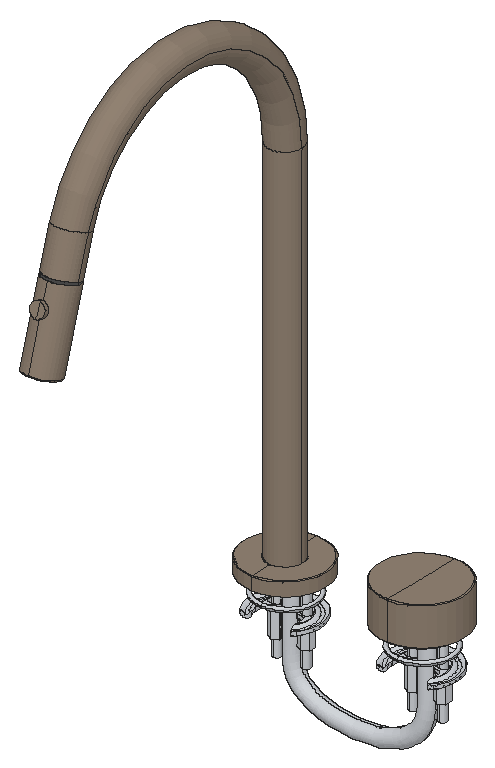
Revit family "Reece_Tap_Milli_Pure_Sink Mixer_Progressive_Pull Out Spray", category Plumbing Fixtures, host Face, Revit 2018
Family settings
  Host = Face
  Round Connector Dimension = Use Diameter
  Part Type = Normal
  Cut with Voids When Loaded = No
  Shared = Yes
  Room Calculation Point = Yes
Parameters (values of type "PVD Brushed Bronze")
  WFU = 0  # constant formula
  URL = "https://www.reece.com.au/product/-9511137"
  Type Comments = "Tap"
  Reece_Tap_Reach = 222.77 mm
  Reece_Tap_Inlet = 12 mm  # constant formula
  Reece_Tap_Clearance = 226.452 mm
  Reece_Product_Web Page = "https://www.reece.com.au/product/-9511137"
  Reece_Product_Type = "Tap"  # constant formula
  Reece_Product_Sub Brand = "Pure"  # constant formula
  Reece_Product_Number = "9511137"
  Reece_Product_Mount = "Hob Mounted"
  Reece_Product_Description = "Milli Pure Progressive Sink Mixer Tap Set with Pull Out Spray PVD Brushed Bronze (4 Star)"
  Reece_Product_Brand = "Milli"  # constant formula
  Reece_Overall_Length = 265.863 mm
  Reece_Overall_Height = 394.3 mm
  Reece_Material-Main = Reece_PVD_Brushed Bronze
  Reece_Detail_Tap_Handle Texture = ""
  Reece_Detail_Installation = ""
  Reece_Detail_Disclaimer = "THIS FILE IS THE PROPERTY OF THE REECE GROUP. IT MAY NOT BE REPRODUCED, REVERSE-ENGINEERED OR MODIFIED. ANY REPUBLICATION, TRANSMISSION OR DISTRIBUTION FOR THE PURPOSE OF COMMERCIALLY EXPLOITING THE FILES IS PROHIBITED."  # constant formula
  Reece_Detail_Connector = "Sink Mixer"  # constant formula
  Reece_Detail_Additional = "Sink Mixer Tap with Pull out Spray"  # constant formula
  Model = "Pure"
  Manufacturer = "Milli"
  Keynote = "Product #9511137, Reece_Tap_Milli_Pure_Sink Mixer_Progressive_Pull Out Spray - PVD Brushed Bronze"
  HWFU = 0  # constant formula
  Disclaimer = "THIS FILE IS THE PROPERTY OF THE REECE GROUP. IT MAY NOT BE REPRODUCED, REVERSE-ENGINEERED OR MODIFIED. ANY REPUBLICATION, TRANSMISSION OR DISTRIBUTION FOR THE PURPOSE OF COMMERCIALLY EXPLOITING THE FILES IS PROHIBITED."  # constant formula
  Description = "Milli Pure Progressive Sink Mixer Tap Set with Pull Out Spray PVD Brushed Bronze (4 Star)"
  Default Elevation = 1000 mm
  CWFU = 0  # constant formula
Types (7, lengths in mm): name | URL | Reece_Product_Web Page | Reece_Product_Number | Reece_Product_Description | Reece_Material-Main | Keynote | Description
  (no name) | "https://www.reece.com.au/product/-2264073" | "https://www.reece.com.au/product/-2264073" | "2264073" | "Milli Pure Progressive Sink Mixer Tap Set with Pull Out Spray Gunmetal (4 Star)" | Reece_Brass_Brushed Gunmetal | "Product #2264073, Reece_Tap_Milli_Pure_Sink Mixer_Progressive_Pull Out Spray -  " | "Milli Pure Progressive Sink Mixer Tap Set with Pull Out Spray Gunmetal (4 Star)"
  Brushed Gunmetal | "https://www.reece.com.au/product/-2264073" | "https://www.reece.com.au/product/-2264073" | "2264073" | "Milli Pure Progressive Sink Mixer Tap Set with Pull Out Spray Gunmetal (4 Star)" | Reece_Brass_Brushed Gunmetal | "Product #2264073, Reece_Tap_Milli_Pure_Sink Mixer_Progressive_Pull Out Spray - Brushed Gunmetal" | "Milli Pure Progressive Sink Mixer Tap Set with Pull Out Spray Gunmetal (4 Star)"
  Brushed Nickel | "https://www.reece.com.au/product/-2264072" | "https://www.reece.com.au/product/-2264072" | "2264072" | "Milli Pure Progressive Sink Mixer Tap Set with Pull Out Spray Brushed Nickel (4 Star)" | Reece_Brass_Brushed Nickel | "Product #2264072, Reece_Tap_Milli_Pure_Sink Mixer_Progressive_Pull Out Spray - Brushed Nickel" | "Milli Pure Progressive Sink Mixer Tap Set with Pull Out Spray Brushed Nickel (4 Star)"
  Chrome | "https://www.reece.com.au/product/-2264070" | "https://www.reece.com.au/product/-2264070" | "2264070" | "Milli Pure Progressive Sink Mixer Tap Set with Pull Out Spray Chrome (4 Star)" | Reece_Brass_Chrome | "Product #2264070, Reece_Tap_Milli_Pure_Sink Mixer_Progressive_Pull Out Spray - Chrome" | "Milli Pure Progressive Sink Mixer Tap Set with Pull Out Spray Chrome (4 Star)"
  Matte Black | "https://www.reece.com.au/product/-2264071" | "https://www.reece.com.au/product/-2264071" | "2264071" | "Milli Pure Progressive Sink Mixer Tap Set with Pull Out Spray Matte Black (4 Star)" | Reece_Brass_Matte Black | "Product #2264071, Reece_Tap_Milli_Pure_Sink Mixer_Progressive_Pull Out Spray - Matte Black" | "Milli Pure Progressive Sink Mixer Tap Set with Pull Out Spray Matte Black (4 Star)"
  PVD Brushed Bronze | "https://www.reece.com.au/product/-9511137" | "https://www.reece.com.au/product/-9511137" | "9511137" | "Milli Pure Progressive Sink Mixer Tap Set with Pull Out Spray PVD Brushed Bronze (4 Star)" | Reece_PVD_Brushed Bronze | "Product #9511137, Reece_Tap_Milli_Pure_Sink Mixer_Progressive_Pull Out Spray - PVD Brushed Bronze" | "Milli Pure Progressive Sink Mixer Tap Set with Pull Out Spray PVD Brushed Bronze (4 Star)"
  PVD Brushed Gold | "https://www.reece.com.au/product/-9510952" | "https://www.reece.com.au/product/-9510952" | "9510952" | "Milli Pure Progressive Sink Mixer Tap Set with Pull Out Spray PVD Brushed Gold (4 Star)" | Reece_PVD_Brushed Gold | "Product #9510952, Reece_Tap_Milli_Pure_Sink Mixer_Progressive_Pull Out Spray - PVD Brushed Gold" | "Milli Pure Progressive Sink Mixer Tap Set with Pull Out Spray PVD Brushed Gold (4 Star)"
Reference planes
  plane 1 "Center (Front/Back)": y = 0
  plane 2 "Bottom": z = 0
  plane 3 "Center (Left/Right)": x = 0
  plane 4 "Top": z = 394.3
  plane 5: through (0, -222.16, 228.356) normal (0, 0.9522, -0.3054)
  plane 6: y = -222.77
  plane 7: z = 226.452
  plane 8: y = -234.863
  plane 9: y = 31
Forms (mm)
  Extrusion 1, void
    sketch origin (0, 0, 0) x (1, 0, 0) y (0, 1, 0)
      loop
        circle (50, 0) r 17.5
    from 0 to -50
  Revolve 2, solid, material "Reece_PVD_Brushed Bronze" <- "Reece_Material-Main"
    sketch origin (50, 0, 0) x (0, 1, 0) y (0, 0, 1)
      loop
        line (0, 30) -> (0, 0) -> (28.5, 0) -> (28.5, 2) -> (31, 2) -> (31, 29.4) -> (30.4, 30) -> (0, 30)
      axis (0, 30) -> (0, 0)
    angle from 0 to 360
  Extrusion 3, void
    sketch origin (50, 2, 0) x (1, 0, 0) y (0, 1, 0)
      loop
        circle (-7, -9.5) r 6.7
      loop
        circle (-10.749, 4.019) r 3.519
      loop
        circle (10.75, 4) r 3.5
      loop
        circle (7, -9.5) r 6.7
      loop
        circle (0, 4.7) r 6.7
    from 0 to 4
  Extrusion 4, solid
    sketch origin (50, 2, 0) x (0, 1, 0) y (1, 0, 0)
      loop
        circle (4, 10.75) r 3
      loop
        circle (4, -10.75) r 3
    from 0 to 61.5
  Revolve 5, solid
    sketch origin (50, 0, -7) x (0, 1, 0) y (0, 0, 1)
      loop
        arc (18.75, -21.5) -> (21.75, -23) -> (24.75, -21.5) r 3.75
        line (24.75, -21.5) -> (25.75, -21.5) -> (25.75, -19)
        arc (25.75, -19) -> (24.212, -19.499) -> (22.941, -20.498) r 4.61
        arc (22.941, -20.498) -> (21.841, -21) -> (20.728, -20.527) r 1.5
        arc (20.728, -20.527) -> (19.122, -19.398) -> (17.2, -19) r 4.84
        line (17.2, -19) -> (17.2, -21.5) -> (18.75, -21.5)
      axis (0, -19) -> (0, -21.5)
    angle from 0 to 360
  Extrusion 6, solid
    sketch origin (50, 0, -30) x (1, 0, 0) y (0, 1, 0)
      loop
        arc (-9.053, 2.711) -> (-6.961, 7.197) -> (-11.447, 9.289) r 3.5
        line (-11.447, 9.289) -> (-13.326, 8.605)
        arc (-13.326, 8.605) -> (-15.418, 4.119) -> (-10.932, 2.027) r 3.5
        line (-10.932, 2.027) -> (-9.053, 2.711)
      loop
        arc (-5.01, 5.791) -> (-6.06, 3.288) -> (-8.263, 1.702) r 5
        line (-8.263, 1.702) -> (-13.684, -0.271)
        arc (-13.684, -0.271) -> (-14.638, -1.003) -> (-15, -2.15) r 2
        line (-15, -2.15) -> (-15, -8.417)
        arc (-15, -8.417) -> (0, 17.2) -> (15, -8.417) r 17.2
        line (15, -8.417) -> (15, -2.15)
        arc (15, -2.15) -> (14.638, -1.003) -> (13.684, -0.271) r 2
        line (13.684, -0.271) -> (8.263, 1.702)
        arc (8.263, 1.702) -> (6.06, 3.288) -> (5.01, 5.791) r 5
        line (5.01, 5.791) -> (4.466, 10.221)
        arc (4.466, 10.221) -> (0, 14.173) -> (-4.466, 10.221) r 4.5
        line (-4.466, 10.221) -> (-5.01, 5.791)
      loop
        arc (11.447, 9.289) -> (6.961, 7.197) -> (9.053, 2.711) r 3.5
        line (9.053, 2.711) -> (10.932, 2.027)
        arc (10.932, 2.027) -> (15.418, 4.119) -> (13.326, 8.605) r 3.5
        line (13.326, 8.605) -> (11.447, 9.289)
    from 1.5 to 4
  Extrusion 7, solid
    sketch origin (50, 0, -7) x (1, 0, 0) y (0, 1, 0)
      loop
        circle (10.75, 6) r 3
      loop
        line (10.75, 11.196) -> (6.25, 8.598) -> (6.25, 3.402) -> (10.75, 0.804) -> (15.25, 3.402) -> (15.25, 8.598) -> (10.75, 11.196)
      loop
        circle (-10.75, 6) r 3
      loop
        line (-10.75, 11.196) -> (-15.25, 8.598) -> (-15.25, 3.402) -> (-10.75, 0.804) -> (-6.25, 3.402) -> (-6.25, 8.598) -> (-10.75, 11.196)
    from -41.5 to -23
  Revolve 8, solid
    sketch origin (50, 0, 0) x (0, 1, 0) y (0, 0, 1)
      loop
        circle (22.2, -14) r 1.3
      axis (1, -14) -> (1, -13)
    angle from 0 to 360
  Extrusion 9, void
    sketch origin (50, 0, -23) x (1, 0, 0) y (0, 1, 0)
      loop
        line (27.556, -34.599) -> (27.556, -14.961) -> (20.958, -14.961)
        arc (20.958, -14.961) -> (17.049, -15.272) -> (15, -11.93) r 3.75
        line (15, -11.93) -> (15, -8.417) -> (-15, -8.417) -> (-15, -11.93)
        arc (-15, -11.93) -> (-17.049, -15.272) -> (-20.958, -14.961) r 3.75
        line (-20.958, -14.961) -> (-27.556, -14.961) -> (-27.556, -34.599) -> (27.556, -34.599)
    from -13.943 to 5
  Sweep 10, solid, material "Reece_PVD_Brushed Bronze" <- "Reece_Material-Main"
    path origin (-50, 0, 0) x (0, 1, 0) y (0, 0, 1)
      loop
        line (-204.384, 283.775) -> (-195.222, 312.342)
        arc (-195.222, 312.342) -> (-84.543, 380.598) -> (0, 281.8) r 100
        line (0, 281.8) -> (0, 0)
    profile origin (-50, 0, 140.9) x (1, 0, 0) y (0, 1, 0)
      loop
        circle (0, 0) r 12.5
  Sweep 11, solid, material "Reece_Brass_Matte Black"
    path origin (-50, 0, 0) x (0, 1, 0) y (0, 0, 1)
      loop
        line (-205.056, 281.68) -> (-204.445, 283.585)
    profile origin (-50, -204.751, 282.632) x (0, -0.952219, 0.305416) y (1, 0, 0)
      loop
        circle (0, 0) r 12.5
  Sweep 12, solid, material "Reece_Brass_Matte Black"
    path origin (-50, 0, 0) x (0, 1, 0) y (0, 0, 1)
      loop
        line (-205.056, 281.68) -> (-204.445, 283.585)
    profile origin (-50, -204.751, 282.632) x (0, -0.952219, 0.305416) y (1, 0, 0)
      loop
        circle (0, 0) r 12.5
  Revolve 13, solid, material "Reece_PVD_Brushed Bronze" <- "Reece_Material-Main"
    sketch origin (-50, 0, 0) x (0, 1, 0) y (0, 0, 1)
      loop
        line (-210.5, 223.126) -> (-192.963, 277.801) -> (-205.056, 281.68) -> (-222.16, 228.356) -> (-211.447, 224.92) -> (-211.766, 223.926)
        arc (-211.766, 223.926) -> (-211.713, 223.212) -> (-211.179, 222.734) r 0.956
        line (-211.179, 222.734) -> (-210.5, 223.126)
      axis (-222.77, 226.452) -> (-205.056, 281.68)
    angle from 0 to 360
  Revolve 14, solid, material "Reece_PVD_Brushed Bronze" <- "Reece_Material-Main"
    sketch origin (-50, 0, 0) x (0, 1, 0) y (0, 0, 1)
      loop
        line (-30, 9.4) -> (-30, 0) -> (-10, 0) -> (-10, 7.624) -> (-13.394, 10) -> (-29.4, 10) -> (-30, 9.4)
      axis (0, 10) -> (0, 0)
    angle from 0 to 360
  Revolve 15, solid, material "Reece_Brass_Matte Black"
    sketch origin (-50, 0, 0) x (0, 1, 0) y (0, 0, 1)
      loop
        line (-213.327, 225.523) -> (-222.16, 228.356) -> (-222.601, 226.979) -> (-213.769, 224.146) -> (-213.327, 225.523)
      axis (-222.601, 226.979) -> (-222.16, 228.356)
    angle from 0 to 360
  Extrusion 16, void
    sketch origin (0, -222.16, 228.356) x (0, -0.305416, -0.952219) y (-1, 0, 0)
      loop
        arc (-35.2, 47.723) -> (-33.401, 49.521) -> (-35.2, 51.32) r 1.799
        line (-35.2, 51.32) -> (-39.8, 51.32)
        arc (-39.8, 51.32) -> (-41.599, 49.521) -> (-39.8, 47.723) r 1.799
        line (-39.8, 47.723) -> (-35.2, 47.723)
    from -15 to -11.281
  Revolve 17, solid, material "Reece_PVD_Brushed Bronze" <- "Reece_Material-Main"
    sketch origin (-50, 0, 0) x (0, 1, 0) y (0, 0, 1)
      loop
        line (-226.416, 270.582) -> (-221.018, 268.85) -> (-220.713, 269.803) -> (-223.492, 270.694) -> (-222.118, 274.979) -> (-224.737, 275.819) -> (-226.416, 270.582)
      axis (-221.018, 268.85) -> (-226.416, 270.582)
    angle from 0 to 360
  Extrusion 18, void
    sketch origin (-100, 0, 0) x (1, 0, 0) y (0, 1, 0)
      loop
        circle (50, 0) r 17.5
    from 0 to -50
  Extrusion 19, solid
    sketch origin (-50, 2, 0) x (0, 1, 0) y (1, 0, 0)
      loop
        circle (4, 10.75) r 3
      loop
        circle (4, -10.75) r 3
    from 0 to 61.5
  Revolve 20, solid
    sketch origin (-50, 0, -7) x (0, 1, 0) y (0, 0, 1)
      loop
        arc (18.75, -21.5) -> (21.75, -23) -> (24.75, -21.5) r 3.75
        line (24.75, -21.5) -> (25.75, -21.5) -> (25.75, -19)
        arc (25.75, -19) -> (24.212, -19.499) -> (22.941, -20.498) r 4.61
        arc (22.941, -20.498) -> (21.841, -21) -> (20.728, -20.527) r 1.5
        arc (20.728, -20.527) -> (19.122, -19.398) -> (17.2, -19) r 4.84
        line (17.2, -19) -> (17.2, -21.5) -> (18.75, -21.5)
      axis (0, -19) -> (0, -21.5)
    angle from 0 to 360
  Extrusion 21, solid
    sketch origin (-50, 0, -30) x (1, 0, 0) y (0, 1, 0)
      loop
        arc (-9.053, 2.711) -> (-6.961, 7.197) -> (-11.447, 9.289) r 3.5
        line (-11.447, 9.289) -> (-13.326, 8.605)
        arc (-13.326, 8.605) -> (-15.418, 4.119) -> (-10.932, 2.027) r 3.5
        line (-10.932, 2.027) -> (-9.053, 2.711)
      loop
        arc (-5.01, 5.791) -> (-6.06, 3.288) -> (-8.263, 1.702) r 5
        line (-8.263, 1.702) -> (-13.684, -0.271)
        arc (-13.684, -0.271) -> (-14.638, -1.003) -> (-15, -2.15) r 2
        line (-15, -2.15) -> (-15, -8.417)
        arc (-15, -8.417) -> (0, 17.2) -> (15, -8.417) r 17.2
        line (15, -8.417) -> (15, -2.15)
        arc (15, -2.15) -> (14.638, -1.003) -> (13.684, -0.271) r 2
        line (13.684, -0.271) -> (8.263, 1.702)
        arc (8.263, 1.702) -> (6.06, 3.288) -> (5.01, 5.791) r 5
        line (5.01, 5.791) -> (4.466, 10.221)
        arc (4.466, 10.221) -> (0, 14.173) -> (-4.466, 10.221) r 4.5
        line (-4.466, 10.221) -> (-5.01, 5.791)
      loop
        arc (11.447, 9.289) -> (6.961, 7.197) -> (9.053, 2.711) r 3.5
        line (9.053, 2.711) -> (10.932, 2.027)
        arc (10.932, 2.027) -> (15.418, 4.119) -> (13.326, 8.605) r 3.5
        line (13.326, 8.605) -> (11.447, 9.289)
    from 1.5 to 4
  Extrusion 22, solid
    sketch origin (-50, 0, -7) x (1, 0, 0) y (0, 1, 0)
      loop
        circle (10.75, 6) r 3
      loop
        line (10.75, 11.196) -> (6.25, 8.598) -> (6.25, 3.402) -> (10.75, 0.804) -> (15.25, 3.402) -> (15.25, 8.598) -> (10.75, 11.196)
      loop
        circle (-10.75, 6) r 3
      loop
        line (-10.75, 11.196) -> (-15.25, 8.598) -> (-15.25, 3.402) -> (-10.75, 0.804) -> (-6.25, 3.402) -> (-6.25, 8.598) -> (-10.75, 11.196)
    from -41.5 to -23
  Revolve 23, solid
    sketch origin (-50, 0, 0) x (0, 1, 0) y (0, 0, 1)
      loop
        circle (22.2, -14) r 1.3
      axis (1, -14) -> (1, -13)
    angle from 0 to 360
  Extrusion 24, void
    sketch origin (-50, 0, -23) x (1, 0, 0) y (0, 1, 0)
      loop
        line (27.556, -34.599) -> (27.556, -14.961) -> (20.958, -14.961)
        arc (20.958, -14.961) -> (17.049, -15.272) -> (15, -11.93) r 3.75
        line (15, -11.93) -> (15, -8.417) -> (-15, -8.417) -> (-15, -11.93)
        arc (-15, -11.93) -> (-17.049, -15.272) -> (-20.958, -14.961) r 3.75
        line (-20.958, -14.961) -> (-27.556, -14.961) -> (-27.556, -34.599) -> (27.556, -34.599)
    from -13.943 to 5
  Sweep 25, solid
    path origin (0, 0, 0) x (1, 0, 0) y (0, 0, 1)
      loop
        spline (-50, 0) -> (-50, -35.658) -> (-49.855, -51.176) -> (-48.185, -64.973) -> (-40.224, -77.244) -> (-23.351, -85.775) -> (-1.747, -89.448) -> (19.693, -87.466) -> (37.142, -80.02) -> (47.233, -67.671) -> (49.994, -51.322) -> (50.019, -32.006) -> (50, 0)
    profile origin (-1.747, 0, -89.448) x (0.041345, 0, 0.999145) y (0, -1, 0)
      loop
        circle (0, -6.25) r 6
Cuts and joins
  Extrusion 3, Extrusion 18 cuts Revolve 2
  Extrusion 3, Extrusion 18 cuts Extrusion 4
  Extrusion 9 cuts Revolve 5
  joined: Sweep 10, Revolve 14
  Extrusion 16 cuts Revolve 13
  Extrusion 24 cuts Revolve 20
Text (mm)
  text "Reece Copyright © 2018, Reece Ltd." at (-1403.988, -1192.393, 0), in view "Ref. Level"
  text "Reece ©" at (44.384, 258.95, 192.345), in view "Reece Preview"
Dimensions and locks
  "Reece_Overall_Height": plane 4 "Top" to plane 2 "Bottom"
  Revolve 13 sketch curve to Revolve 13 sketch curve = 12.7 mm
  "Reece_Tap_Clearance": plane 7 to plane 2 "Bottom"
  "Reece_Tap_Reach": plane 1 "Center (Front/Back)" to plane 6
  "Reece_Overall_Length": plane 9 to plane 8
  aligned and locked: plane 2 "Bottom" to host face
  aligned and locked: level to host face
Automatic sketch dimensions
  host sketch curve to host sketch curve = 380.785 mm
  host sketch curve to host sketch curve = 317.421 mm
  Extrusion 1 sketch curve to Extrusion 1 sketch curve = 0 mm  (x2)
  plane 1 "Center (Front/Back)" to Extrusion 1 sketch curve = 0 mm
  plane 3 "Center (Left/Right)" to Extrusion 1 sketch curve = 50 mm
  plane 1 "Center (Front/Back)" to Extrusion 1 sketch curve = 17.5 mm
  Revolve 2 sketch curve to plane 1 "Center (Front/Back)" = 0 mm  (x2)
  level to Revolve 2 sketch curve = 0 mm
  Revolve 2 sketch curve to Revolve 2 sketch curve = 2.5 mm
  level to Revolve 2 sketch curve = 2 mm
  Revolve 2 sketch curve to Revolve 2 sketch curve = 27.4 mm
  Revolve 2 sketch curve to Revolve 2 sketch curve = 0.6 mm
  Revolve 2 sketch curve to level = 23.173 mm
  Revolve 2 sketch curve to Revolve 2 sketch curve = 130 mm
  Extrusion 3 sketch curve to plane 1 "Center (Front/Back)" = 6.019 mm
  plane 3 "Center (Left/Right)" to Extrusion 3 sketch curve = 39.251 mm
  Extrusion 3 sketch curve to Extrusion 3 sketch curve = 3.749 mm
  Extrusion 3 sketch curve to Extrusion 3 sketch curve = 10.749 mm
  Extrusion 3 sketch curve to Extrusion 3 sketch curve = 14 mm
  Extrusion 3 sketch curve to Extrusion 3 sketch curve = 10.75 mm
  Extrusion 3 sketch curve to plane 1 "Center (Front/Back)" = 6 mm
  plane 1 "Center (Front/Back)" to Extrusion 3 sketch curve = 7.5 mm  (x2)
  Extrusion 3 sketch curve to plane 1 "Center (Front/Back)" = 6.7 mm
  Extrusion 4 sketch curve to plane 1 "Center (Front/Back)" = 6 mm  (x2)
  plane 3 "Center (Left/Right)" to Extrusion 4 sketch curve = 60.75 mm
  Extrusion 4 sketch curve to Extrusion 4 sketch curve = 21.5 mm
  Revolve 5 sketch curve to plane 1 "Center (Front/Back)" = 0 mm
  Revolve 5 sketch curve to Revolve 5 sketch curve = 1.55 mm
  Revolve 5 sketch curve to Revolve 5 sketch curve = 0.072 mm
  Revolve 5 sketch curve to Revolve 5 sketch curve = 0.632 mm
  Revolve 5 sketch curve to level = 30.84 mm
  Revolve 5 sketch curve to Revolve 5 sketch curve = 0.274 mm
  Revolve 5 sketch curve to Revolve 5 sketch curve = 2.34 mm
  Revolve 5 sketch curve to Revolve 5 sketch curve = 2 mm
  Revolve 5 sketch curve to Revolve 5 sketch curve = 0.25 mm
  Revolve 5 sketch curve to Revolve 5 sketch curve = 2.5 mm  (x2)
  Revolve 5 sketch curve to Revolve 5 sketch curve = 0 mm
  Revolve 5 sketch curve to Revolve 5 sketch curve = 316.97 mm
  plane 4 "Top" to Revolve 5 sketch curve = 442.532 mm
  plane 1 "Center (Front/Back)" to Extrusion 6 sketch curve = 0 mm
  plane 1 "Center (Front/Back)" to Extrusion 6 sketch curve = 8.417 mm
  plane 3 "Center (Left/Right)" to Extrusion 6 sketch curve = 35 mm
  plane 1 "Center (Front/Back)" to Extrusion 6 sketch curve = 0.271 mm  (x2)
  Extrusion 6 sketch curve to Extrusion 6 sketch curve = 1.316 mm
  Extrusion 6 sketch curve to plane 1 "Center (Front/Back)" = 8.605 mm  (x2)
  Extrusion 6 sketch curve to Extrusion 6 sketch curve = 0.358 mm
  Extrusion 6 sketch curve to Extrusion 6 sketch curve = 0.684 mm  (x2)
  Extrusion 6 sketch curve to Extrusion 6 sketch curve = 1.197 mm  (x2)
  Extrusion 6 sketch curve to plane 1 "Center (Front/Back)" = 9.289 mm  (x2)
  Extrusion 6 sketch curve to Extrusion 6 sketch curve = 1.879 mm  (x6)
  Extrusion 6 sketch curve to plane 1 "Center (Front/Back)" = 2.027 mm  (x2)
  Extrusion 6 sketch curve to Extrusion 6 sketch curve = 0.277 mm  (x2)
  Extrusion 6 sketch curve to plane 1 "Center (Front/Back)" = 2.711 mm  (x2)
  Extrusion 6 sketch curve to plane 1 "Center (Front/Back)" = 1.702 mm  (x2)
  Extrusion 6 sketch curve to Extrusion 6 sketch curve = 0.79 mm  (x2)
  Extrusion 6 sketch curve to plane 1 "Center (Front/Back)" = 5.791 mm  (x2)
  Extrusion 6 sketch curve to Extrusion 6 sketch curve = 4.963 mm
  Extrusion 6 sketch curve to plane 1 "Center (Front/Back)" = 10.221 mm  (x2)
  Extrusion 6 sketch curve to Extrusion 6 sketch curve = 0.544 mm  (x2)
  Extrusion 6 sketch curve to Extrusion 6 sketch curve = 5.01 mm
  Extrusion 6 sketch curve to Extrusion 6 sketch curve = 4.466 mm
  Extrusion 6 sketch curve to Extrusion 6 sketch curve = 3.253 mm
  Extrusion 6 sketch curve to Extrusion 6 sketch curve = 0.92 mm
  Extrusion 6 sketch curve to Extrusion 6 sketch curve = 1.474 mm
  plane 1 "Center (Front/Back)" to Extrusion 6 sketch curve = 2.15 mm
  Extrusion 6 sketch curve to Extrusion 6 sketch curve = 2.068 mm
  Extrusion 6 sketch curve to Extrusion 6 sketch curve = 0.548 mm
  Extrusion 7 sketch curve to plane 1 "Center (Front/Back)" = 8.598 mm  (x4)
  plane 3 "Center (Left/Right)" to Extrusion 7 sketch curve = 34.75 mm
  Extrusion 7 sketch curve to plane 1 "Center (Front/Back)" = 0.804 mm  (x2)
  Extrusion 7 sketch curve to Extrusion 7 sketch curve = 4.5 mm  (x6)
  Extrusion 7 sketch curve to plane 1 "Center (Front/Back)" = 11.196 mm  (x2)
  Extrusion 7 sketch curve to Extrusion 7 sketch curve = 0 mm  (x2)
  Extrusion 7 sketch curve to Extrusion 7 sketch curve = 12.5 mm
  Extrusion 7 sketch curve to plane 1 "Center (Front/Back)" = 3.402 mm  (x4)
  Extrusion 7 sketch curve to Extrusion 7 sketch curve = 5.196 mm  (x2)
  Revolve 8 sketch curve to level = 14 mm  (x2)
  Revolve 8 sketch curve to plane 1 "Center (Front/Back)" = 1 mm
  Revolve 8 sketch curve to Revolve 8 sketch curve = 4.102 mm
  plane 3 "Center (Left/Right)" to Extrusion 9 sketch curve = 22.444 mm
  Extrusion 9 sketch curve to Extrusion 9 sketch curve = 6.599 mm  (x2)
  Extrusion 9 sketch curve to Extrusion 9 sketch curve = 2.208 mm  (x2)
  Extrusion 9 sketch curve to Extrusion 9 sketch curve = 3.75 mm  (x2)
  plane 1 "Center (Front/Back)" to Extrusion 9 sketch curve = 8.417 mm
  Extrusion 9 sketch curve to Extrusion 9 sketch curve = 30 mm
  Extrusion 9 sketch curve to Extrusion 9 sketch curve = 3.513 mm
  Extrusion 9 sketch curve to Extrusion 9 sketch curve = 3.514 mm
  Extrusion 9 sketch curve to Extrusion 9 sketch curve = 19.637 mm
  plane 5 to Sweep 10 sketch curve = 0 mm  (x2)
  Sweep 10 sketch curve to plane 1 "Center (Front/Back)" = 0 mm
  level to Sweep 10 sketch curve = 0 mm
  plane 7 to Sweep 10 sketch curve = 55.348 mm
  Sweep 10 sketch curve to plane 6 = 27.548 mm
  Sweep 10 sketch curve to plane 6 = 18.386 mm
  profile plane to Sweep 10 sketch curve = 0 mm
  Sweep 10 sketch curve to profile plane = 0 mm
  plane 5 to Sweep 11 sketch curve = 0 mm  (x2)
  Sweep 11 sketch curve to plane 6 = 17.714 mm
  Sweep 11 sketch curve to Sweep 11 sketch curve = 0.611 mm
  Sweep 11 sketch curve to profile plane = 0 mm  (x2)
  plane 5 to Sweep 12 sketch curve = 0 mm  (x2)
  Sweep 12 sketch curve to plane 6 = 17.714 mm
  Sweep 12 sketch curve to Sweep 12 sketch curve = 0.611 mm
  Sweep 12 sketch curve to profile plane = 0 mm  (x2)
  Revolve 13 sketch curve to plane 5 = 0 mm
  plane 5 to Revolve 13 sketch curve = 0 mm  (x2)
  Revolve 13 sketch curve to plane 6 = 0.611 mm
  Revolve 13 sketch curve to plane 7 = 2.526 mm
  Revolve 13 sketch curve to plane 6 = 11.004 mm
  Revolve 13 sketch curve to plane 7 = 3.718 mm
  Revolve 13 sketch curve to Revolve 13 sketch curve = 0.587 mm
  Revolve 13 sketch curve to Revolve 13 sketch curve = 0.911 mm
  Revolve 13 sketch curve to plane 7 = 3.326 mm
  Revolve 13 sketch curve to plane 6 = 17.714 mm
  Revolve 13 sketch curve to Revolve 13 sketch curve = 0.672 mm
  Revolve 13 sketch curve to plane 6 = 27.548 mm
  level to Revolve 14 sketch curve = 0 mm
  Revolve 14 sketch curve to plane 1 "Center (Front/Back)" = 0 mm
  plane 1 "Center (Front/Back)" to Revolve 14 sketch curve = 10 mm
  Revolve 14 sketch curve to Revolve 14 sketch curve = 3.394 mm
  level to Revolve 14 sketch curve = 10 mm
  Revolve 14 sketch curve to Revolve 14 sketch curve = 16.006 mm
  Revolve 14 sketch curve to Revolve 14 sketch curve = 0.6 mm  (x2)
  Revolve 14 sketch curve to Revolve 14 sketch curve = 2.376 mm
  Revolve 14 sketch curve to plane 7 = 87.067 mm
  Revolve 14 sketch curve to plane 7 = 37.067 mm
  Revolve 15 sketch curve to plane 5 = 0 mm  (x2)
  plane 5 to Revolve 15 sketch curve = 0 mm  (x2)
  Revolve 15 sketch curve to plane 6 = 0.169 mm
  Revolve 15 sketch curve to plane 6 = 0.611 mm
  Revolve 15 sketch curve to plane 7 = 2.306 mm
  Revolve 15 sketch curve to plane 6 = 18.386 mm
  Revolve 15 sketch curve to plane 6 = 27.548 mm
  Extrusion 16 sketch curve to plane 3 "Center (Left/Right)" = 47.723 mm
  Extrusion 16 sketch curve to Extrusion 16 sketch curve = 4.6 mm
  Extrusion 16 sketch curve to Extrusion 16 sketch curve = 1.799 mm
  plane 6 to Revolve 17 sketch curve = 3.646 mm
  plane 6 to Revolve 17 sketch curve = 1.966 mm
  plane 6 to Revolve 17 sketch curve = 0.722 mm
  Revolve 17 sketch curve to plane 6 = 0.652 mm
  Revolve 17 sketch curve to plane 6 = 1.752 mm
  Revolve 17 sketch curve to Revolve 17 sketch curve = 0.305 mm
  plane 7 to Revolve 17 sketch curve = 42.398 mm
  Revolve 17 sketch curve to Revolve 17 sketch curve = 0.952 mm
  Revolve 17 sketch curve to Revolve 17 sketch curve = 1.731 mm
  Revolve 17 sketch curve to Revolve 17 sketch curve = 0.892 mm
  Revolve 17 sketch curve to Revolve 17 sketch curve = 4.285 mm
  Revolve 17 sketch curve to Revolve 17 sketch curve = 0.84 mm
  Revolve 17 sketch curve to Revolve 17 sketch curve = 1.814 mm
  Revolve 17 sketch curve to Revolve 17 sketch curve = 1.148 mm
  Revolve 17 sketch curve to Revolve 17 sketch curve = 0.682 mm
  Revolve 17 sketch curve to Revolve 17 sketch curve = 0.582 mm
  Extrusion 18 sketch curve to Extrusion 18 sketch curve = 0 mm  (x2)
  plane 1 "Center (Front/Back)" to Extrusion 18 sketch curve = 0 mm
  Extrusion 18 sketch curve to plane 3 "Center (Left/Right)" = 50 mm
  plane 1 "Center (Front/Back)" to Extrusion 18 sketch curve = 17.5 mm
  Extrusion 19 sketch curve to plane 1 "Center (Front/Back)" = 6 mm  (x2)
  Extrusion 19 sketch curve to plane 3 "Center (Left/Right)" = 39.25 mm
  Extrusion 19 sketch curve to Extrusion 19 sketch curve = 21.5 mm
  Revolve 20 sketch curve to plane 1 "Center (Front/Back)" = 0 mm
  Revolve 20 sketch curve to Revolve 20 sketch curve = 1.55 mm
  Revolve 20 sketch curve to Revolve 20 sketch curve = 0.072 mm
  Revolve 20 sketch curve to Revolve 20 sketch curve = 0.632 mm
  Revolve 20 sketch curve to level = 30.84 mm
  Revolve 20 sketch curve to Revolve 20 sketch curve = 0.274 mm
  Revolve 20 sketch curve to Revolve 20 sketch curve = 2.34 mm
  Revolve 20 sketch curve to Revolve 20 sketch curve = 2 mm
  Revolve 20 sketch curve to Revolve 20 sketch curve = 0.25 mm
  Revolve 20 sketch curve to Revolve 20 sketch curve = 2.5 mm  (x2)
  Revolve 20 sketch curve to Revolve 20 sketch curve = 0 mm
  Revolve 20 sketch curve to Revolve 20 sketch curve = 316.97 mm
  plane 4 "Top" to Revolve 20 sketch curve = 442.532 mm
  plane 1 "Center (Front/Back)" to Extrusion 21 sketch curve = 0 mm
  plane 1 "Center (Front/Back)" to Extrusion 21 sketch curve = 8.417 mm
  Extrusion 21 sketch curve to plane 3 "Center (Left/Right)" = 65 mm
  plane 1 "Center (Front/Back)" to Extrusion 21 sketch curve = 0.271 mm  (x2)
  Extrusion 21 sketch curve to Extrusion 21 sketch curve = 1.316 mm
  Extrusion 21 sketch curve to plane 1 "Center (Front/Back)" = 8.605 mm  (x2)
  Extrusion 21 sketch curve to Extrusion 21 sketch curve = 0.358 mm
  Extrusion 21 sketch curve to Extrusion 21 sketch curve = 0.684 mm  (x2)
  Extrusion 21 sketch curve to Extrusion 21 sketch curve = 1.197 mm  (x2)
  Extrusion 21 sketch curve to plane 1 "Center (Front/Back)" = 9.289 mm  (x2)
  Extrusion 21 sketch curve to Extrusion 21 sketch curve = 1.879 mm  (x6)
  Extrusion 21 sketch curve to plane 1 "Center (Front/Back)" = 2.027 mm  (x2)
  Extrusion 21 sketch curve to Extrusion 21 sketch curve = 0.277 mm  (x2)
  Extrusion 21 sketch curve to plane 1 "Center (Front/Back)" = 2.711 mm  (x2)
  Extrusion 21 sketch curve to plane 1 "Center (Front/Back)" = 1.702 mm  (x2)
  Extrusion 21 sketch curve to Extrusion 21 sketch curve = 0.79 mm  (x2)
  Extrusion 21 sketch curve to plane 1 "Center (Front/Back)" = 5.791 mm  (x2)
  Extrusion 21 sketch curve to Extrusion 21 sketch curve = 4.963 mm
  Extrusion 21 sketch curve to plane 1 "Center (Front/Back)" = 10.221 mm  (x2)
  Extrusion 21 sketch curve to Extrusion 21 sketch curve = 0.544 mm  (x2)
  Extrusion 21 sketch curve to Extrusion 21 sketch curve = 5.01 mm
  Extrusion 21 sketch curve to Extrusion 21 sketch curve = 4.466 mm
  Extrusion 21 sketch curve to Extrusion 21 sketch curve = 3.253 mm
  Extrusion 21 sketch curve to Extrusion 21 sketch curve = 0.92 mm
  Extrusion 21 sketch curve to Extrusion 21 sketch curve = 1.474 mm
  plane 1 "Center (Front/Back)" to Extrusion 21 sketch curve = 2.15 mm
  Extrusion 21 sketch curve to Extrusion 21 sketch curve = 2.068 mm
  Extrusion 21 sketch curve to Extrusion 21 sketch curve = 0.548 mm
  Extrusion 22 sketch curve to plane 1 "Center (Front/Back)" = 8.598 mm  (x4)
  Extrusion 22 sketch curve to plane 3 "Center (Left/Right)" = 65.25 mm
  Extrusion 22 sketch curve to plane 1 "Center (Front/Back)" = 0.804 mm  (x2)
  Extrusion 22 sketch curve to Extrusion 22 sketch curve = 4.5 mm  (x6)
  Extrusion 22 sketch curve to plane 1 "Center (Front/Back)" = 11.196 mm  (x2)
  Extrusion 22 sketch curve to Extrusion 22 sketch curve = 0 mm  (x2)
  Extrusion 22 sketch curve to Extrusion 22 sketch curve = 12.5 mm
  Extrusion 22 sketch curve to plane 1 "Center (Front/Back)" = 3.402 mm  (x4)
  Extrusion 22 sketch curve to Extrusion 22 sketch curve = 5.196 mm  (x2)
  Revolve 23 sketch curve to level = 14 mm  (x2)
  Revolve 23 sketch curve to plane 1 "Center (Front/Back)" = 1 mm
  Revolve 23 sketch curve to Revolve 23 sketch curve = 4.102 mm
  plane 1 "Center (Front/Back)" to Extrusion 24 sketch curve = 34.599 mm
  Extrusion 24 sketch curve to plane 3 "Center (Left/Right)" = 77.556 mm
  Extrusion 24 sketch curve to Extrusion 24 sketch curve = 6.599 mm  (x2)
  Extrusion 24 sketch curve to Extrusion 24 sketch curve = 2.208 mm  (x2)
  Extrusion 24 sketch curve to Extrusion 24 sketch curve = 3.75 mm  (x2)
  plane 1 "Center (Front/Back)" to Extrusion 24 sketch curve = 8.417 mm
  Extrusion 24 sketch curve to Extrusion 24 sketch curve = 30 mm
  Extrusion 24 sketch curve to Extrusion 24 sketch curve = 6.545 mm  (x2)
  Sweep 25 sketch curve to level = 0 mm
  Sweep 25 sketch curve to plane 3 "Center (Left/Right)" = 50 mm
  plane 3 "Center (Left/Right)" to Sweep 25 sketch curve = 50 mm
  Sweep 25 sketch curve to profile plane = 0 mm
  Sweep 25 sketch curve to plane 1 "Center (Front/Back)" = 6.25 mm
  Revolve 2 sketch curve to plane 9 = 0 mm
  Revolve 2 sketch curve to plane 9 = 0.6 mm
  Revolve 5 sketch curve to plane 9 = 13.8 mm
  Revolve 5 sketch curve to Revolve 5 sketch curve = 3 mm
  Revolve 5 sketch curve to Revolve 5 sketch curve = 2.928 mm
  Revolve 5 sketch curve to Revolve 5 sketch curve = 1 mm
  Revolve 8 sketch curve to plane 9 = 8.8 mm
  Revolve 20 sketch curve to plane 9 = 13.8 mm
  Revolve 20 sketch curve to Revolve 20 sketch curve = 3 mm
  Revolve 20 sketch curve to Revolve 20 sketch curve = 2.928 mm
  Revolve 20 sketch curve to Revolve 20 sketch curve = 1 mm
  Revolve 23 sketch curve to plane 9 = 8.8 mm
  radius of Extrusion 3 sketch curve = 6.7 mm  (x3)
  radius of Extrusion 3 sketch curve = 3.519 mm
  radius of Extrusion 3 sketch curve = 3.5 mm
  radius of Extrusion 4 sketch curve = 3 mm  (x2)
  radius of Extrusion 7 sketch curve = 3 mm  (x2)
  radius of Revolve 8 sketch curve = 1.3 mm
  radius of Sweep 10 sketch curve = 12.5 mm
  radius of Sweep 11 sketch curve = 12.5 mm
  radius of Sweep 12 sketch curve = 12.5 mm
  radius of Extrusion 19 sketch curve = 3 mm  (x2)
  radius of Extrusion 22 sketch curve = 3 mm  (x2)
  radius of Revolve 23 sketch curve = 1.3 mm
  radius of Sweep 25 sketch curve = 6 mm
Connectors
  piping at (43, -7.5, 4), diameter 12, driven by "Reece_Tap_Inlet"
    settings: on cut or joined group of Revolve 2, Extrusion 3, Extrusion 18, index 1, connector inside diameter 609.6 mm, connector length 0 mm, flow factor 0, pipe flow 0.0 L/s, pressure drop 0.0 Pa, fitting loss kfactor 0, connector angle 0.00°, fixture units 0, engagement length 0 mm, angle of deflection 0.00°, flow configuration 0, flow direction 1, fitting loss method 0, system type 29, joint type 0, gender type 0, connector reference index -1, connector utility 0, adjustable connector no, is connector primary yes, connector description ""
  piping at (57, -7.5, 4), diameter 12, driven by "Reece_Tap_Inlet"
    settings: on cut or joined group of Revolve 2, Extrusion 3, Extrusion 18, index 2, connector inside diameter 609.6 mm, connector length 0 mm, flow factor 0, pipe flow 0.0 L/s, pressure drop 0.0 Pa, fitting loss kfactor 0, connector angle 0.00°, fixture units 0, engagement length 0 mm, angle of deflection 0.00°, flow configuration 0, flow direction 1, fitting loss method 0, system type 29, joint type 0, gender type 0, connector reference index -1, connector utility 0, adjustable connector no, is connector primary no, connector description ""
